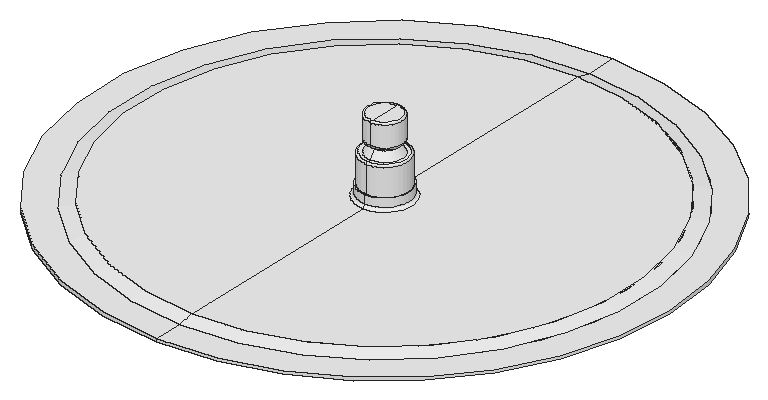
Revit family "ShowerHead-Vitra-LiteSeries-A45646", category Plumbing Fixtures, Revit 2017
Family settings
  Round Connector Dimension = Use Diameter
  Part Type = Normal
  OmniClass Number = 23.45.00.00
  OmniClass Title = Sanitary, Laundry, and Cleaning Equipment
  Work Plane-Based = Yes
  Always vertical = No
  Cut with Voids When Loaded = No
  Shared = Yes
  Room Calculation Point = No
Parameters (values of type "ShowerHead-Vitra-LiteSeries-A45646")
  Youtube = ""
  Weight Net (kg) = "2.2"
  Waste Connection = no
  Warranty Period (Year) = "5"
  Vent Connection = no
  Uniformat II Description = "Plumbing Fixtures"
  Uniformat II Code = "D2010"
  Uniclass 2015 Name = "Shower heads"
  Uniclass 2015 Code = "Pr_40_20_87_76"
  Uniclass 2.0 Description = "Shower Heads"
  Uniclass 2.0 Code = "PR-35-06-81"
  Uniclass 1.4 Description = "Showers"
  Uniclass 1.4 Code = "L7214"
  URL = "https://vitraglobal.com/"
  UNSPSC Description = ""
  UNSPSC Code = ""
  Technical description = "https://www.vitra.com.tr/pdf/A45646/"
  Tap hole Options (default) = ""
  Specification = ""
  Region South America = "All"
  Region Oceania = "All"
  Region North America = "All"
  Region Middle East = "All"
  Region Europe = "All"
  Region Asia = "All"
  Region Antarctica = "All"
  Region Africa = "All"
  Product url = "https://www.vitra.com.tr/dus-sistemleri/dus-basliklari/dus-basliklari/lite-lc-dus-basligi-sku-A45646/"
  Product manual = ""
  Product group = "Shower Heads"
  Product family = "Lite Series"
  Product data url = ""
  Product certification = "https://www.vitraglobal.com/brochures/"
  Product Type = "Lite LC Shower Head"
  Product SKU = "A45646"
  Product Properties = "Shower Head  18 L/min."
  Product Guid = ""
  OmniClass Description = "Shower Head Fixtures"
  OmniClass Code = "23-31 17 19"
  Number Of Connections = "1"
  Nominal Width (mm) = 400 mm
  Nominal Height (mm) = 65 mm
  Nominal Depth (mm) = 400.042 mm
  NBS Referans Description = ""
  NBS Referans Code = ""
  Mounting type = ""
  Model = "A45646"
  Masterformat 2014 Description = "Residential Showers"
  Masterformat 2014 Code = "22 41 23"
  Manufacturer name = "Vitra"
  Manufacturer = "Vitra"
  Main Material = ""
  Installation instructions = ""
  IFC Classification = "Sanitary Terminal"
  Help = ""
  HW Connection = yes
  GTIP code = ""
  Features = ""
  EAN code = ""
  Design country = "Turkey"
  Description = "Lite LC Duş Başlığı"
  Default Elevation = 2300 mm
  Connection Diameter (mm) = 15 mm
  Color = "Chrome"
  Coating Material = Chrome
  Calculated flow = ""
  CW Connection = yes
  COBIe Type Category = ""
  Brand = "Artema"
  BIMobject category = "Showers"
  Article No. (default) = "A45646"
  Approvals = ""
  ApplicationType = ""
  Accessories (default) = ""
Reference planes
  plane 1 "Center (Front/Back)": y = 0
  plane 2: z = 0
  plane 3 "Center (Left/Right)": x = 0
  plane 4: z = -65
  plane 5: y = -200.021
  plane 6: y = 200.021
  plane 7: x = 200
  plane 8: x = -200
Forms (mm)
  Revolve 1, solid, material "Chrome" <- "Coating Material", detail levels medium+fine
    sketch origin (0, 0, 0) x (0, 1, 0) y (0, 0, 1)
      loop
        line (0, 0) -> (0, -56.277) -> (200.021, -56.277) -> (200.021, -54.141) -> (179.708, -54.141) -> (169.623, -51.813) -> (19.111, -51.813)
        arc (19.111, -51.813) -> (17.68, -51.22) -> (17.087, -49.788) r 2.024
        line (17.087, -49.788) -> (17.087, -44.128) -> (16, -44.128) -> (16, -25.414)
        arc (16, -25.414) -> (15.7, -24.69) -> (14.976, -24.39) r 1.024
        line (14.976, -24.39) -> (12.173, -24.39) -> (8.739, -18.793) -> (8.739, -17.594)
        arc (8.739, -17.594) -> (9.032, -16.887) -> (9.739, -16.594) r 1
        line (9.739, -16.594) -> (11.153, -16.594)
        arc (11.153, -16.594) -> (11.874, -16.295) -> (12.173, -15.574) r 1.02
        line (12.173, -15.574) -> (12.173, -1)
        arc (12.173, -1) -> (11.88, -0.293) -> (11.173, 0) r 1
        line (11.173, 0) -> (0, 0)
      axis (0, -56.277) -> (0, 0)
    angle from 0 to 360
  Extrusion 2, solid, detail levels coarse
    sketch origin (0, 0, 0) x (1, 0, 0) y (0, 1, 0)
      loop
        circle (0, 0) r 200
    from 0 to -65
  Extrusion 3, solid, detail levels fine
    sketch origin (0, 0, 0) x (1, 0, 0) y (0, 1, 0)
      loop
        circle (0, 160.005) r 3
    from -56 to -61
  Extrusion 4, solid, detail levels fine
    sketch origin (0, 0, 0) x (0.991445, -0.130526, 0) y (0.130526, 0.991445, 0)
      loop
        circle (0, 160.005) r 3
    from -56 to -61
  Extrusion 5, solid, detail levels fine
    sketch origin (0, 0, 0) x (0.991445, 0.130526, 0) y (-0.130526, 0.991445, 0)
      loop
        circle (0, 160.005) r 3
    from -56 to -61
  Extrusion 6, solid, detail levels fine
    sketch origin (0, 0, 0) x (0.965926, 0.258819, 0) y (-0.258819, 0.965926, 0)
      loop
        circle (0, 160.005) r 3
    from -56 to -61
  Extrusion 7, solid, detail levels fine
    sketch origin (0, 0, 0) x (0.92388, 0.382683, 0) y (-0.382683, 0.92388, 0)
      loop
        circle (0, 160.005) r 3
    from -56 to -61
  Extrusion 8, solid, detail levels fine
    sketch origin (0, 0, 0) x (0.866025, 0.5, 0) y (-0.5, 0.866025, 0)
      loop
        circle (0, 160.005) r 3
    from -56 to -61
  Extrusion 9, solid, detail levels fine
    sketch origin (0, 0, 0) x (0.793353, 0.608761, 0) y (-0.608761, 0.793353, 0)
      loop
        circle (0, 160.005) r 3
    from -56 to -61
  Extrusion 10, solid, detail levels fine
    sketch origin (0, 0, 0) x (0.707107, 0.707107, 0) y (-0.707107, 0.707107, 0)
      loop
        circle (0, 160.005) r 3
    from -56 to -61
  Extrusion 11, solid, detail levels fine
    sketch origin (0, 0, 0) x (0.608761, 0.793353, 0) y (-0.793353, 0.608761, 0)
      loop
        circle (0, 160.005) r 3
    from -56 to -61
  Extrusion 12, solid, detail levels fine
    sketch origin (0, 0, 0) x (0.5, 0.866025, 0) y (-0.866025, 0.5, 0)
      loop
        circle (0, 160.005) r 3
    from -56 to -61
  Extrusion 13, solid, detail levels fine
    sketch origin (0, 0, 0) x (0.382683, 0.92388, 0) y (-0.92388, 0.382683, 0)
      loop
        circle (0, 160.005) r 3
    from -56 to -61
  Extrusion 14, solid, detail levels fine
    sketch origin (0, 0, 0) x (0.258819, 0.965926, 0) y (-0.965926, 0.258819, 0)
      loop
        circle (0, 160.005) r 3
    from -56 to -61
  Extrusion 15, solid, detail levels fine
    sketch origin (0, 0, 0) x (0.130526, 0.991445, 0) y (-0.991445, 0.130526, 0)
      loop
        circle (0, 160.005) r 3
    from -56 to -61
  Extrusion 16, solid, detail levels fine
    sketch origin (0, 0, 0) x (0, 1, 0) y (-1, 0, 0)
      loop
        circle (0, 160.005) r 3
    from -56 to -61
  Extrusion 17, solid, detail levels fine
    sketch origin (0, 0, 0) x (-0.130526, 0.991445, 0) y (-0.991445, -0.130526, 0)
      loop
        circle (0, 160.005) r 3
    from -56 to -61
  Extrusion 18, solid, detail levels fine
    sketch origin (0, 0, 0) x (-0.258819, 0.965926, 0) y (-0.965926, -0.258819, 0)
      loop
        circle (0, 160.005) r 3
    from -56 to -61
  Extrusion 19, solid, detail levels fine
    sketch origin (0, 0, 0) x (-0.382683, 0.92388, 0) y (-0.92388, -0.382683, 0)
      loop
        circle (0, 160.005) r 3
    from -56 to -61
  Extrusion 20, solid, detail levels fine
    sketch origin (0, 0, 0) x (-0.5, 0.866025, 0) y (-0.866025, -0.5, 0)
      loop
        circle (0, 160.005) r 3
    from -56 to -61
  Extrusion 21, solid, detail levels fine
    sketch origin (0, 0, 0) x (-0.608761, 0.793353, 0) y (-0.793353, -0.608761, 0)
      loop
        circle (0, 160.005) r 3
    from -56 to -61
  Extrusion 22, solid, detail levels fine
    sketch origin (0, 0, 0) x (-0.707107, 0.707107, 0) y (-0.707107, -0.707107, 0)
      loop
        circle (0, 160.005) r 3
    from -56 to -61
  Extrusion 23, solid, detail levels fine
    sketch origin (0, 0, 0) x (-0.793353, 0.608761, 0) y (-0.608761, -0.793353, 0)
      loop
        circle (0, 160.005) r 3
    from -56 to -61
  Extrusion 24, solid, detail levels fine
    sketch origin (0, 0, 0) x (-0.866025, 0.5, 0) y (-0.5, -0.866025, 0)
      loop
        circle (0, 160.005) r 3
    from -56 to -61
  Extrusion 25, solid, detail levels fine
    sketch origin (0, 0, 0) x (-0.92388, 0.382683, 0) y (-0.382683, -0.92388, 0)
      loop
        circle (0, 160.005) r 3
    from -56 to -61
  Extrusion 26, solid, detail levels fine
    sketch origin (0, 0, 0) x (-0.965926, 0.258819, 0) y (-0.258819, -0.965926, 0)
      loop
        circle (0, 160.005) r 3
    from -56 to -61
  Extrusion 27, solid, detail levels fine
    sketch origin (0, 0, 0) x (-0.991445, 0.130526, 0) y (-0.130526, -0.991445, 0)
      loop
        circle (0, 160.005) r 3
    from -56 to -61
  Extrusion 28, solid, detail levels fine
    sketch origin (0, 0, 0) x (-1, 0, 0) y (0, -1, 0)
      loop
        circle (0, 160.005) r 3
    from -56 to -61
  Extrusion 29, solid, detail levels fine
    sketch origin (0, 0, 0) x (-0.991445, -0.130526, 0) y (0.130526, -0.991445, 0)
      loop
        circle (0, 160.005) r 3
    from -56 to -61
  Extrusion 30, solid, detail levels fine
    sketch origin (0, 0, 0) x (-0.965926, -0.258819, 0) y (0.258819, -0.965926, 0)
      loop
        circle (0, 160.005) r 3
    from -56 to -61
  Extrusion 31, solid, detail levels fine
    sketch origin (0, 0, 0) x (-0.92388, -0.382683, 0) y (0.382683, -0.92388, 0)
      loop
        circle (0, 160.005) r 3
    from -56 to -61
  Extrusion 32, solid, detail levels fine
    sketch origin (0, 0, 0) x (-0.866025, -0.5, 0) y (0.5, -0.866025, 0)
      loop
        circle (0, 160.005) r 3
    from -56 to -61
  Extrusion 33, solid, detail levels fine
    sketch origin (0, 0, 0) x (-0.793353, -0.608761, 0) y (0.608761, -0.793353, 0)
      loop
        circle (0, 160.005) r 3
    from -56 to -61
  Extrusion 34, solid, detail levels fine
    sketch origin (0, 0, 0) x (-0.707107, -0.707107, 0) y (0.707107, -0.707107, 0)
      loop
        circle (0, 160.005) r 3
    from -56 to -61
  Extrusion 35, solid, detail levels fine
    sketch origin (0, 0, 0) x (-0.608761, -0.793353, 0) y (0.793353, -0.608761, 0)
      loop
        circle (0, 160.005) r 3
    from -56 to -61
  Extrusion 36, solid, detail levels fine
    sketch origin (0, 0, 0) x (-0.5, -0.866025, 0) y (0.866025, -0.5, 0)
      loop
        circle (0, 160.005) r 3
    from -56 to -61
  Extrusion 37, solid, detail levels fine
    sketch origin (0, 0, 0) x (-0.382683, -0.92388, 0) y (0.92388, -0.382683, 0)
      loop
        circle (0, 160.005) r 3
    from -56 to -61
  Extrusion 38, solid, detail levels fine
    sketch origin (0, 0, 0) x (-0.258819, -0.965926, 0) y (0.965926, -0.258819, 0)
      loop
        circle (0, 160.005) r 3
    from -56 to -61
  Extrusion 39, solid, detail levels fine
    sketch origin (0, 0, 0) x (-0.130526, -0.991445, 0) y (0.991445, -0.130526, 0)
      loop
        circle (0, 160.005) r 3
    from -56 to -61
  Extrusion 40, solid, detail levels fine
    sketch origin (0, 0, 0) x (0, -1, 0) y (1, 0, 0)
      loop
        circle (0, 160.005) r 3
    from -56 to -61
  Extrusion 41, solid, detail levels fine
    sketch origin (0, 0, 0) x (0.130526, -0.991445, 0) y (0.991445, 0.130526, 0)
      loop
        circle (0, 160.005) r 3
    from -56 to -61
  Extrusion 42, solid, detail levels fine
    sketch origin (0, 0, 0) x (0.258819, -0.965926, 0) y (0.965926, 0.258819, 0)
      loop
        circle (0, 160.005) r 3
    from -56 to -61
  Extrusion 43, solid, detail levels fine
    sketch origin (0, 0, 0) x (0.382683, -0.92388, 0) y (0.92388, 0.382683, 0)
      loop
        circle (0, 160.005) r 3
    from -56 to -61
  Extrusion 44, solid, detail levels fine
    sketch origin (0, 0, 0) x (0.5, -0.866025, 0) y (0.866025, 0.5, 0)
      loop
        circle (0, 160.005) r 3
    from -56 to -61
  Extrusion 45, solid, detail levels fine
    sketch origin (0, 0, 0) x (0.608761, -0.793353, 0) y (0.793353, 0.608761, 0)
      loop
        circle (0, 160.005) r 3
    from -56 to -61
  Extrusion 46, solid, detail levels fine
    sketch origin (0, 0, 0) x (0.707107, -0.707107, 0) y (0.707107, 0.707107, 0)
      loop
        circle (0, 160.005) r 3
    from -56 to -61
  Extrusion 47, solid, detail levels fine
    sketch origin (0, 0, 0) x (0.793353, -0.608761, 0) y (0.608761, 0.793353, 0)
      loop
        circle (0, 160.005) r 3
    from -56 to -61
  Extrusion 48, solid, detail levels fine
    sketch origin (0, 0, 0) x (0.866025, -0.5, 0) y (0.5, 0.866025, 0)
      loop
        circle (0, 160.005) r 3
    from -56 to -61
  Extrusion 49, solid, detail levels fine
    sketch origin (0, 0, 0) x (0.92388, -0.382683, 0) y (0.382683, 0.92388, 0)
      loop
        circle (0, 160.005) r 3
    from -56 to -61
  Extrusion 50, solid, detail levels fine
    sketch origin (0, 0, 0) x (0.965926, -0.258819, 0) y (0.258819, 0.965926, 0)
      loop
        circle (0, 160.005) r 3
    from -56 to -61
  Extrusion 51, solid, detail levels fine
    sketch origin (0, -20, 0) x (1, 0, 0) y (0, 1, 0)
      loop
        circle (0, 160.005) r 3
    from -56 to -61
  Extrusion 52, solid, detail levels fine
    sketch origin (-2.981, -19.777, 0) x (0.988831, -0.149042, 0) y (0.149042, 0.988831, 0)
      loop
        circle (0, 160.005) r 3
    from -56 to -61
  Extrusion 53, solid, detail levels fine
    sketch origin (2.981, -19.777, 0) x (0.988831, 0.149042, 0) y (-0.149042, 0.988831, 0)
      loop
        circle (0, 160.005) r 3
    from -56 to -61
  Extrusion 54, solid, detail levels fine
    sketch origin (5.895, -19.111, 0) x (0.955573, 0.294755, 0) y (-0.294755, 0.955573, 0)
      loop
        circle (0, 160.005) r 3
    from -56 to -61
  Extrusion 55, solid, detail levels fine
    sketch origin (8.678, -18.019, 0) x (0.900969, 0.433884, 0) y (-0.433884, 0.900969, 0)
      loop
        circle (0, 160.005) r 3
    from -56 to -61
  Extrusion 56, solid, detail levels fine
    sketch origin (11.266, -16.525, 0) x (0.826239, 0.56332, 0) y (-0.56332, 0.826239, 0)
      loop
        circle (0, 160.005) r 3
    from -56 to -61
  Extrusion 57, solid, detail levels fine
    sketch origin (13.603, -14.661, 0) x (0.733052, 0.680173, 0) y (-0.680173, 0.733052, 0)
      loop
        circle (0, 160.005) r 3
    from -56 to -61
  Extrusion 58, solid, detail levels fine
    sketch origin (15.637, -12.47, 0) x (0.62349, 0.781831, 0) y (-0.781831, 0.62349, 0)
      loop
        circle (0, 160.005) r 3
    from -56 to -61
  Extrusion 59, solid, detail levels fine
    sketch origin (17.321, -10, 0) x (0.5, 0.866025, 0) y (-0.866025, 0.5, 0)
      loop
        circle (0, 160.005) r 3
    from -56 to -61
  Extrusion 60, solid, detail levels fine
    sketch origin (18.617, -7.307, 0) x (0.365341, 0.930874, 0) y (-0.930874, 0.365341, 0)
      loop
        circle (0, 160.005) r 3
    from -56 to -61
  Extrusion 61, solid, detail levels fine
    sketch origin (19.499, -4.45, 0) x (0.222521, 0.974928, 0) y (-0.974928, 0.222521, 0)
      loop
        circle (0, 160.005) r 3
    from -56 to -61
  Extrusion 62, solid, detail levels fine
    sketch origin (19.944, -1.495, 0) x (0.07473, 0.997204, 0) y (-0.997204, 0.07473, 0)
      loop
        circle (0, 160.005) r 3
    from -56 to -61
  Extrusion 63, solid, detail levels fine
    sketch origin (19.944, 1.495, 0) x (-0.07473, 0.997204, 0) y (-0.997204, -0.07473, 0)
      loop
        circle (0, 160.005) r 3
    from -56 to -61
  Extrusion 64, solid, detail levels fine
    sketch origin (19.499, 4.45, 0) x (-0.222521, 0.974928, 0) y (-0.974928, -0.222521, 0)
      loop
        circle (0, 160.005) r 3
    from -56 to -61
  Extrusion 65, solid, detail levels fine
    sketch origin (18.617, 7.307, 0) x (-0.365341, 0.930874, 0) y (-0.930874, -0.365341, 0)
      loop
        circle (0, 160.005) r 3
    from -56 to -61
  Extrusion 66, solid, detail levels fine
    sketch origin (17.321, 10, 0) x (-0.5, 0.866025, 0) y (-0.866025, -0.5, 0)
      loop
        circle (0, 160.005) r 3
    from -56 to -61
  Extrusion 67, solid, detail levels fine
    sketch origin (15.637, 12.47, 0) x (-0.62349, 0.781831, 0) y (-0.781831, -0.62349, 0)
      loop
        circle (0, 160.005) r 3
    from -56 to -61
  Extrusion 68, solid, detail levels fine
    sketch origin (13.603, 14.661, 0) x (-0.733052, 0.680173, 0) y (-0.680173, -0.733052, 0)
      loop
        circle (0, 160.005) r 3
    from -56 to -61
  Extrusion 69, solid, detail levels fine
    sketch origin (11.266, 16.525, 0) x (-0.826239, 0.56332, 0) y (-0.56332, -0.826239, 0)
      loop
        circle (0, 160.005) r 3
    from -56 to -61
  Extrusion 70, solid, detail levels fine
    sketch origin (8.678, 18.019, 0) x (-0.900969, 0.433884, 0) y (-0.433884, -0.900969, 0)
      loop
        circle (0, 160.005) r 3
    from -56 to -61
  Extrusion 71, solid, detail levels fine
    sketch origin (5.895, 19.111, 0) x (-0.955573, 0.294755, 0) y (-0.294755, -0.955573, 0)
      loop
        circle (0, 160.005) r 3
    from -56 to -61
  Extrusion 72, solid, detail levels fine
    sketch origin (2.981, 19.777, 0) x (-0.988831, 0.149042, 0) y (-0.149042, -0.988831, 0)
      loop
        circle (0, 160.005) r 3
    from -56 to -61
  Extrusion 73, solid, detail levels fine
    sketch origin (0, 20, 0) x (-1, 0, 0) y (0, -1, 0)
      loop
        circle (0, 160.005) r 3
    from -56 to -61
  Extrusion 74, solid, detail levels fine
    sketch origin (-2.981, 19.777, 0) x (-0.988831, -0.149042, 0) y (0.149042, -0.988831, 0)
      loop
        circle (0, 160.005) r 3
    from -56 to -61
  Extrusion 75, solid, detail levels fine
    sketch origin (-5.895, 19.111, 0) x (-0.955573, -0.294755, 0) y (0.294755, -0.955573, 0)
      loop
        circle (0, 160.005) r 3
    from -56 to -61
  Extrusion 76, solid, detail levels fine
    sketch origin (-8.678, 18.019, 0) x (-0.900969, -0.433884, 0) y (0.433884, -0.900969, 0)
      loop
        circle (0, 160.005) r 3
    from -56 to -61
  Extrusion 77, solid, detail levels fine
    sketch origin (-11.266, 16.525, 0) x (-0.826239, -0.56332, 0) y (0.56332, -0.826239, 0)
      loop
        circle (0, 160.005) r 3
    from -56 to -61
  Extrusion 78, solid, detail levels fine
    sketch origin (-13.603, 14.661, 0) x (-0.733052, -0.680173, 0) y (0.680173, -0.733052, 0)
      loop
        circle (0, 160.005) r 3
    from -56 to -61
  Extrusion 79, solid, detail levels fine
    sketch origin (-15.637, 12.47, 0) x (-0.62349, -0.781831, 0) y (0.781831, -0.62349, 0)
      loop
        circle (0, 160.005) r 3
    from -56 to -61
  Extrusion 80, solid, detail levels fine
    sketch origin (-17.321, 10, 0) x (-0.5, -0.866025, 0) y (0.866025, -0.5, 0)
      loop
        circle (0, 160.005) r 3
    from -56 to -61
  Extrusion 81, solid, detail levels fine
    sketch origin (-18.617, 7.307, 0) x (-0.365341, -0.930874, 0) y (0.930874, -0.365341, 0)
      loop
        circle (0, 160.005) r 3
    from -56 to -61
  Extrusion 82, solid, detail levels fine
    sketch origin (-19.499, 4.45, 0) x (-0.222521, -0.974928, 0) y (0.974928, -0.222521, 0)
      loop
        circle (0, 160.005) r 3
    from -56 to -61
  Extrusion 83, solid, detail levels fine
    sketch origin (-19.944, 1.495, 0) x (-0.07473, -0.997204, 0) y (0.997204, -0.07473, 0)
      loop
        circle (0, 160.005) r 3
    from -56 to -61
  Extrusion 84, solid, detail levels fine
    sketch origin (-19.944, -1.495, 0) x (0.07473, -0.997204, 0) y (0.997204, 0.07473, 0)
      loop
        circle (0, 160.005) r 3
    from -56 to -61
  Extrusion 85, solid, detail levels fine
    sketch origin (-19.499, -4.45, 0) x (0.222521, -0.974928, 0) y (0.974928, 0.222521, 0)
      loop
        circle (0, 160.005) r 3
    from -56 to -61
  Extrusion 86, solid, detail levels fine
    sketch origin (-18.617, -7.307, 0) x (0.365341, -0.930874, 0) y (0.930874, 0.365341, 0)
      loop
        circle (0, 160.005) r 3
    from -56 to -61
  Extrusion 87, solid, detail levels fine
    sketch origin (-17.321, -10, 0) x (0.5, -0.866025, 0) y (0.866025, 0.5, 0)
      loop
        circle (0, 160.005) r 3
    from -56 to -61
  Extrusion 88, solid, detail levels fine
    sketch origin (-15.637, -12.47, 0) x (0.62349, -0.781831, 0) y (0.781831, 0.62349, 0)
      loop
        circle (0, 160.005) r 3
    from -56 to -61
  Extrusion 89, solid, detail levels fine
    sketch origin (-13.603, -14.661, 0) x (0.733052, -0.680173, 0) y (0.680173, 0.733052, 0)
      loop
        circle (0, 160.005) r 3
    from -56 to -61
  Extrusion 90, solid, detail levels fine
    sketch origin (-11.266, -16.525, 0) x (0.826239, -0.56332, 0) y (0.56332, 0.826239, 0)
      loop
        circle (0, 160.005) r 3
    from -56 to -61
  Extrusion 91, solid, detail levels fine
    sketch origin (-8.678, -18.019, 0) x (0.900969, -0.433884, 0) y (0.433884, 0.900969, 0)
      loop
        circle (0, 160.005) r 3
    from -56 to -61
  Extrusion 92, solid, detail levels fine
    sketch origin (-5.895, -19.111, 0) x (0.955573, -0.294755, 0) y (0.294755, 0.955573, 0)
      loop
        circle (0, 160.005) r 3
    from -56 to -61
  Extrusion 93, solid, detail levels fine
    sketch origin (0, -40.005, 0) x (1, 0, 0) y (0, 1, 0)
      loop
        circle (0, 160.005) r 3
    from -56 to -61
  Extrusion 94, solid, detail levels fine
    sketch origin (-6.947, -39.397, 0) x (0.984808, -0.173648, 0) y (0.173648, 0.984808, 0)
      loop
        circle (0, 160.005) r 3
    from -56 to -61
  Extrusion 95, solid, detail levels fine
    sketch origin (6.947, -39.397, 0) x (0.984808, 0.173648, 0) y (-0.173648, 0.984808, 0)
      loop
        circle (0, 160.005) r 3
    from -56 to -61
  Extrusion 96, solid, detail levels fine
    sketch origin (13.683, -37.592, 0) x (0.939693, 0.34202, 0) y (-0.34202, 0.939693, 0)
      loop
        circle (0, 160.005) r 3
    from -56 to -61
  Extrusion 97, solid, detail levels fine
    sketch origin (20.002, -34.645, 0) x (0.866025, 0.5, 0) y (-0.5, 0.866025, 0)
      loop
        circle (0, 160.005) r 3
    from -56 to -61
  Extrusion 98, solid, detail levels fine
    sketch origin (25.715, -30.646, 0) x (0.766044, 0.642788, 0) y (-0.642788, 0.766044, 0)
      loop
        circle (0, 160.005) r 3
    from -56 to -61
  Extrusion 99, solid, detail levels fine
    sketch origin (30.646, -25.715, 0) x (0.642788, 0.766044, 0) y (-0.766044, 0.642788, 0)
      loop
        circle (0, 160.005) r 3
    from -56 to -61
  Extrusion 100, solid, detail levels fine
    sketch origin (34.645, -20.002, 0) x (0.5, 0.866025, 0) y (-0.866025, 0.5, 0)
      loop
        circle (0, 160.005) r 3
    from -56 to -61
  Extrusion 101, solid, detail levels fine
    sketch origin (37.592, -13.683, 0) x (0.34202, 0.939693, 0) y (-0.939693, 0.34202, 0)
      loop
        circle (0, 160.005) r 3
    from -56 to -61
  Extrusion 102, solid, detail levels fine
    sketch origin (39.397, -6.947, 0) x (0.173648, 0.984808, 0) y (-0.984808, 0.173648, 0)
      loop
        circle (0, 160.005) r 3
    from -56 to -61
  Extrusion 103, solid, detail levels fine
    sketch origin (40.005, 0, 0) x (0, 1, 0) y (-1, 0, 0)
      loop
        circle (0, 160.005) r 3
    from -56 to -61
  Extrusion 104, solid, detail levels fine
    sketch origin (39.397, 6.947, 0) x (-0.173648, 0.984808, 0) y (-0.984808, -0.173648, 0)
      loop
        circle (0, 160.005) r 3
    from -56 to -61
  Extrusion 105, solid, detail levels fine
    sketch origin (37.592, 13.683, 0) x (-0.34202, 0.939693, 0) y (-0.939693, -0.34202, 0)
      loop
        circle (0, 160.005) r 3
    from -56 to -61
  Extrusion 106, solid, detail levels fine
    sketch origin (34.645, 20.002, 0) x (-0.5, 0.866025, 0) y (-0.866025, -0.5, 0)
      loop
        circle (0, 160.005) r 3
    from -56 to -61
  Extrusion 107, solid, detail levels fine
    sketch origin (30.646, 25.715, 0) x (-0.642788, 0.766044, 0) y (-0.766044, -0.642788, 0)
      loop
        circle (0, 160.005) r 3
    from -56 to -61
  Extrusion 108, solid, detail levels fine
    sketch origin (25.715, 30.646, 0) x (-0.766044, 0.642788, 0) y (-0.642788, -0.766044, 0)
      loop
        circle (0, 160.005) r 3
    from -56 to -61
  Extrusion 109, solid, detail levels fine
    sketch origin (20.002, 34.645, 0) x (-0.866025, 0.5, 0) y (-0.5, -0.866025, 0)
      loop
        circle (0, 160.005) r 3
    from -56 to -61
  Extrusion 110, solid, detail levels fine
    sketch origin (13.683, 37.592, 0) x (-0.939693, 0.34202, 0) y (-0.34202, -0.939693, 0)
      loop
        circle (0, 160.005) r 3
    from -56 to -61
  Extrusion 111, solid, detail levels fine
    sketch origin (6.947, 39.397, 0) x (-0.984808, 0.173648, 0) y (-0.173648, -0.984808, 0)
      loop
        circle (0, 160.005) r 3
    from -56 to -61
  Extrusion 112, solid, detail levels fine
    sketch origin (0, 40.005, 0) x (-1, 0, 0) y (0, -1, 0)
      loop
        circle (0, 160.005) r 3
    from -56 to -61
  Extrusion 113, solid, detail levels fine
    sketch origin (-6.947, 39.397, 0) x (-0.984808, -0.173648, 0) y (0.173648, -0.984808, 0)
      loop
        circle (0, 160.005) r 3
    from -56 to -61
  Extrusion 114, solid, detail levels fine
    sketch origin (-13.683, 37.592, 0) x (-0.939693, -0.34202, 0) y (0.34202, -0.939693, 0)
      loop
        circle (0, 160.005) r 3
    from -56 to -61
  Extrusion 115, solid, detail levels fine
    sketch origin (-20.002, 34.645, 0) x (-0.866025, -0.5, 0) y (0.5, -0.866025, 0)
      loop
        circle (0, 160.005) r 3
    from -56 to -61
  Extrusion 116, solid, detail levels fine
    sketch origin (-25.715, 30.646, 0) x (-0.766044, -0.642788, 0) y (0.642788, -0.766044, 0)
      loop
        circle (0, 160.005) r 3
    from -56 to -61
  Extrusion 117, solid, detail levels fine
    sketch origin (-30.646, 25.715, 0) x (-0.642788, -0.766044, 0) y (0.766044, -0.642788, 0)
      loop
        circle (0, 160.005) r 3
    from -56 to -61
  Extrusion 118, solid, detail levels fine
    sketch origin (-34.645, 20.002, 0) x (-0.5, -0.866025, 0) y (0.866025, -0.5, 0)
      loop
        circle (0, 160.005) r 3
    from -56 to -61
  Extrusion 119, solid, detail levels fine
    sketch origin (-37.592, 13.683, 0) x (-0.34202, -0.939693, 0) y (0.939693, -0.34202, 0)
      loop
        circle (0, 160.005) r 3
    from -56 to -61
  Extrusion 120, solid, detail levels fine
    sketch origin (-39.397, 6.947, 0) x (-0.173648, -0.984808, 0) y (0.984808, -0.173648, 0)
      loop
        circle (0, 160.005) r 3
    from -56 to -61
  Extrusion 121, solid, detail levels fine
    sketch origin (-40.005, 0, 0) x (0, -1, 0) y (1, 0, 0)
      loop
        circle (0, 160.005) r 3
    from -56 to -61
  Extrusion 122, solid, detail levels fine
    sketch origin (-39.397, -6.947, 0) x (0.173648, -0.984808, 0) y (0.984808, 0.173648, 0)
      loop
        circle (0, 160.005) r 3
    from -56 to -61
  Extrusion 123, solid, detail levels fine
    sketch origin (-37.592, -13.683, 0) x (0.34202, -0.939693, 0) y (0.939693, 0.34202, 0)
      loop
        circle (0, 160.005) r 3
    from -56 to -61
  Extrusion 124, solid, detail levels fine
    sketch origin (-34.645, -20.002, 0) x (0.5, -0.866025, 0) y (0.866025, 0.5, 0)
      loop
        circle (0, 160.005) r 3
    from -56 to -61
  Extrusion 125, solid, detail levels fine
    sketch origin (-30.646, -25.715, 0) x (0.642788, -0.766044, 0) y (0.766044, 0.642788, 0)
      loop
        circle (0, 160.005) r 3
    from -56 to -61
  Extrusion 126, solid, detail levels fine
    sketch origin (-25.715, -30.646, 0) x (0.766044, -0.642788, 0) y (0.642788, 0.766044, 0)
      loop
        circle (0, 160.005) r 3
    from -56 to -61
  Extrusion 127, solid, detail levels fine
    sketch origin (-20.002, -34.645, 0) x (0.866025, -0.5, 0) y (0.5, 0.866025, 0)
      loop
        circle (0, 160.005) r 3
    from -56 to -61
  Extrusion 128, solid, detail levels fine
    sketch origin (-13.683, -37.592, 0) x (0.939693, -0.34202, 0) y (0.34202, 0.939693, 0)
      loop
        circle (0, 160.005) r 3
    from -56 to -61
  Extrusion 129, solid, detail levels fine
    sketch origin (0, -60.005, 0) x (1, 0, 0) y (0, 1, 0)
      loop
        circle (0, 160.005) r 3
    from -56 to -61
  Extrusion 130, solid, detail levels fine
    sketch origin (-12.476, -58.694, 0) x (0.978148, -0.207912, 0) y (0.207912, 0.978148, 0)
      loop
        circle (0, 160.005) r 3
    from -56 to -61
  Extrusion 131, solid, detail levels fine
    sketch origin (12.476, -58.694, 0) x (0.978148, 0.207912, 0) y (-0.207912, 0.978148, 0)
      loop
        circle (0, 160.005) r 3
    from -56 to -61
  Extrusion 132, solid, detail levels fine
    sketch origin (24.406, -54.817, 0) x (0.913545, 0.406737, 0) y (-0.406737, 0.913545, 0)
      loop
        circle (0, 160.005) r 3
    from -56 to -61
  Extrusion 133, solid, detail levels fine
    sketch origin (35.27, -48.545, 0) x (0.809017, 0.587785, 0) y (-0.587785, 0.809017, 0)
      loop
        circle (0, 160.005) r 3
    from -56 to -61
  Extrusion 134, solid, detail levels fine
    sketch origin (44.592, -40.151, 0) x (0.669131, 0.743145, 0) y (-0.743145, 0.669131, 0)
      loop
        circle (0, 160.005) r 3
    from -56 to -61
  Extrusion 135, solid, detail levels fine
    sketch origin (51.966, -30.002, 0) x (0.5, 0.866025, 0) y (-0.866025, 0.5, 0)
      loop
        circle (0, 160.005) r 3
    from -56 to -61
  Extrusion 136, solid, detail levels fine
    sketch origin (57.068, -18.543, 0) x (0.309017, 0.951057, 0) y (-0.951057, 0.309017, 0)
      loop
        circle (0, 160.005) r 3
    from -56 to -61
  Extrusion 137, solid, detail levels fine
    sketch origin (59.676, -6.272, 0) x (0.104528, 0.994522, 0) y (-0.994522, 0.104528, 0)
      loop
        circle (0, 160.005) r 3
    from -56 to -61
  Extrusion 138, solid, detail levels fine
    sketch origin (59.676, 6.272, 0) x (-0.104528, 0.994522, 0) y (-0.994522, -0.104528, 0)
      loop
        circle (0, 160.005) r 3
    from -56 to -61
  Extrusion 139, solid, detail levels fine
    sketch origin (57.068, 18.543, 0) x (-0.309017, 0.951057, 0) y (-0.951057, -0.309017, 0)
      loop
        circle (0, 160.005) r 3
    from -56 to -61
  Extrusion 140, solid, detail levels fine
    sketch origin (51.966, 30.002, 0) x (-0.5, 0.866025, 0) y (-0.866025, -0.5, 0)
      loop
        circle (0, 160.005) r 3
    from -56 to -61
  Extrusion 141, solid, detail levels fine
    sketch origin (44.592, 40.151, 0) x (-0.669131, 0.743145, 0) y (-0.743145, -0.669131, 0)
      loop
        circle (0, 160.005) r 3
    from -56 to -61
  Extrusion 142, solid, detail levels fine
    sketch origin (35.27, 48.545, 0) x (-0.809017, 0.587785, 0) y (-0.587785, -0.809017, 0)
      loop
        circle (0, 160.005) r 3
    from -56 to -61
  Extrusion 143, solid, detail levels fine
    sketch origin (24.406, 54.817, 0) x (-0.913545, 0.406737, 0) y (-0.406737, -0.913545, 0)
      loop
        circle (0, 160.005) r 3
    from -56 to -61
  Extrusion 144, solid, detail levels fine
    sketch origin (12.476, 58.694, 0) x (-0.978148, 0.207912, 0) y (-0.207912, -0.978148, 0)
      loop
        circle (0, 160.005) r 3
    from -56 to -61
  Extrusion 145, solid, detail levels fine
    sketch origin (0, 60.005, 0) x (-1, 0, 0) y (0, -1, 0)
      loop
        circle (0, 160.005) r 3
    from -56 to -61
  Extrusion 146, solid, detail levels fine
    sketch origin (-12.476, 58.694, 0) x (-0.978148, -0.207912, 0) y (0.207912, -0.978148, 0)
      loop
        circle (0, 160.005) r 3
    from -56 to -61
  Extrusion 147, solid, detail levels fine
    sketch origin (-24.406, 54.817, 0) x (-0.913545, -0.406737, 0) y (0.406737, -0.913545, 0)
      loop
        circle (0, 160.005) r 3
    from -56 to -61
  Extrusion 148, solid, detail levels fine
    sketch origin (-35.27, 48.545, 0) x (-0.809017, -0.587785, 0) y (0.587785, -0.809017, 0)
      loop
        circle (0, 160.005) r 3
    from -56 to -61
  Extrusion 149, solid, detail levels fine
    sketch origin (-44.592, 40.151, 0) x (-0.669131, -0.743145, 0) y (0.743145, -0.669131, 0)
      loop
        circle (0, 160.005) r 3
    from -56 to -61
  Extrusion 150, solid, detail levels fine
    sketch origin (-51.966, 30.002, 0) x (-0.5, -0.866025, 0) y (0.866025, -0.5, 0)
      loop
        circle (0, 160.005) r 3
    from -56 to -61
  Extrusion 151, solid, detail levels fine
    sketch origin (-57.068, 18.543, 0) x (-0.309017, -0.951057, 0) y (0.951057, -0.309017, 0)
      loop
        circle (0, 160.005) r 3
    from -56 to -61
  Extrusion 152, solid, detail levels fine
    sketch origin (-59.676, 6.272, 0) x (-0.104528, -0.994522, 0) y (0.994522, -0.104528, 0)
      loop
        circle (0, 160.005) r 3
    from -56 to -61
  Extrusion 153, solid, detail levels fine
    sketch origin (-59.676, -6.272, 0) x (0.104528, -0.994522, 0) y (0.994522, 0.104528, 0)
      loop
        circle (0, 160.005) r 3
    from -56 to -61
  Extrusion 154, solid, detail levels fine
    sketch origin (-57.068, -18.543, 0) x (0.309017, -0.951057, 0) y (0.951057, 0.309017, 0)
      loop
        circle (0, 160.005) r 3
    from -56 to -61
  Extrusion 155, solid, detail levels fine
    sketch origin (-51.966, -30.002, 0) x (0.5, -0.866025, 0) y (0.866025, 0.5, 0)
      loop
        circle (0, 160.005) r 3
    from -56 to -61
  Extrusion 156, solid, detail levels fine
    sketch origin (-44.592, -40.151, 0) x (0.669131, -0.743145, 0) y (0.743145, 0.669131, 0)
      loop
        circle (0, 160.005) r 3
    from -56 to -61
  Extrusion 157, solid, detail levels fine
    sketch origin (-35.27, -48.545, 0) x (0.809017, -0.587785, 0) y (0.587785, 0.809017, 0)
      loop
        circle (0, 160.005) r 3
    from -56 to -61
  Extrusion 158, solid, detail levels fine
    sketch origin (-24.406, -54.817, 0) x (0.913545, -0.406737, 0) y (0.406737, 0.913545, 0)
      loop
        circle (0, 160.005) r 3
    from -56 to -61
  Extrusion 159, solid, detail levels fine
    sketch origin (0, -80.005, 0) x (1, 0, 0) y (0, 1, 0)
      loop
        circle (0, 160.005) r 3
    from -56 to -61
  Extrusion 160, solid, detail levels fine
    sketch origin (-20.707, -77.279, 0) x (0.965926, -0.258819, 0) y (0.258819, 0.965926, 0)
      loop
        circle (0, 160.005) r 3
    from -56 to -61
  Extrusion 161, solid, detail levels fine
    sketch origin (20.707, -77.279, 0) x (0.965926, 0.258819, 0) y (-0.258819, 0.965926, 0)
      loop
        circle (0, 160.005) r 3
    from -56 to -61
  Extrusion 162, solid, detail levels fine
    sketch origin (40.002, -69.286, 0) x (0.866025, 0.5, 0) y (-0.5, 0.866025, 0)
      loop
        circle (0, 160.005) r 3
    from -56 to -61
  Extrusion 163, solid, detail levels fine
    sketch origin (56.572, -56.572, 0) x (0.707107, 0.707107, 0) y (-0.707107, 0.707107, 0)
      loop
        circle (0, 160.005) r 3
    from -56 to -61
  Extrusion 164, solid, detail levels fine
    sketch origin (69.286, -40.002, 0) x (0.5, 0.866025, 0) y (-0.866025, 0.5, 0)
      loop
        circle (0, 160.005) r 3
    from -56 to -61
  Extrusion 165, solid, detail levels fine
    sketch origin (77.279, -20.707, 0) x (0.258819, 0.965926, 0) y (-0.965926, 0.258819, 0)
      loop
        circle (0, 160.005) r 3
    from -56 to -61
  Extrusion 166, solid, detail levels fine
    sketch origin (80.005, 0, 0) x (0, 1, 0) y (-1, 0, 0)
      loop
        circle (0, 160.005) r 3
    from -56 to -61
  Extrusion 167, solid, detail levels fine
    sketch origin (77.279, 20.707, 0) x (-0.258819, 0.965926, 0) y (-0.965926, -0.258819, 0)
      loop
        circle (0, 160.005) r 3
    from -56 to -61
  Extrusion 168, solid, detail levels fine
    sketch origin (69.286, 40.002, 0) x (-0.5, 0.866025, 0) y (-0.866025, -0.5, 0)
      loop
        circle (0, 160.005) r 3
    from -56 to -61
  Extrusion 169, solid, detail levels fine
    sketch origin (56.572, 56.572, 0) x (-0.707107, 0.707107, 0) y (-0.707107, -0.707107, 0)
      loop
        circle (0, 160.005) r 3
    from -56 to -61
  Extrusion 170, solid, detail levels fine
    sketch origin (40.002, 69.286, 0) x (-0.866025, 0.5, 0) y (-0.5, -0.866025, 0)
      loop
        circle (0, 160.005) r 3
    from -56 to -61
  Extrusion 171, solid, detail levels fine
    sketch origin (20.707, 77.279, 0) x (-0.965926, 0.258819, 0) y (-0.258819, -0.965926, 0)
      loop
        circle (0, 160.005) r 3
    from -56 to -61
  Extrusion 172, solid, detail levels fine
    sketch origin (0, 80.005, 0) x (-1, 0, 0) y (0, -1, 0)
      loop
        circle (0, 160.005) r 3
    from -56 to -61
  Extrusion 173, solid, detail levels fine
    sketch origin (-20.707, 77.279, 0) x (-0.965926, -0.258819, 0) y (0.258819, -0.965926, 0)
      loop
        circle (0, 160.005) r 3
    from -56 to -61
  Extrusion 174, solid, detail levels fine
    sketch origin (-40.002, 69.286, 0) x (-0.866025, -0.5, 0) y (0.5, -0.866025, 0)
      loop
        circle (0, 160.005) r 3
    from -56 to -61
  Extrusion 175, solid, detail levels fine
    sketch origin (-56.572, 56.572, 0) x (-0.707107, -0.707107, 0) y (0.707107, -0.707107, 0)
      loop
        circle (0, 160.005) r 3
    from -56 to -61
  Extrusion 176, solid, detail levels fine
    sketch origin (-69.286, 40.002, 0) x (-0.5, -0.866025, 0) y (0.866025, -0.5, 0)
      loop
        circle (0, 160.005) r 3
    from -56 to -61
  Extrusion 177, solid, detail levels fine
    sketch origin (-77.279, 20.707, 0) x (-0.258819, -0.965926, 0) y (0.965926, -0.258819, 0)
      loop
        circle (0, 160.005) r 3
    from -56 to -61
  Extrusion 178, solid, detail levels fine
    sketch origin (-80.005, 0, 0) x (0, -1, 0) y (1, 0, 0)
      loop
        circle (0, 160.005) r 3
    from -56 to -61
  Extrusion 179, solid, detail levels fine
    sketch origin (-77.279, -20.707, 0) x (0.258819, -0.965926, 0) y (0.965926, 0.258819, 0)
      loop
        circle (0, 160.005) r 3
    from -56 to -61
  Extrusion 180, solid, detail levels fine
    sketch origin (-69.286, -40.002, 0) x (0.5, -0.866025, 0) y (0.866025, 0.5, 0)
      loop
        circle (0, 160.005) r 3
    from -56 to -61
  Extrusion 181, solid, detail levels fine
    sketch origin (-56.572, -56.572, 0) x (0.707107, -0.707107, 0) y (0.707107, 0.707107, 0)
      loop
        circle (0, 160.005) r 3
    from -56 to -61
  Extrusion 182, solid, detail levels fine
    sketch origin (-40.002, -69.286, 0) x (0.866025, -0.5, 0) y (0.5, 0.866025, 0)
      loop
        circle (0, 160.005) r 3
    from -56 to -61
  Extrusion 183, solid, detail levels fine
    sketch origin (0, -100.005, 0) x (1, 0, 0) y (0, 1, 0)
      loop
        circle (0, 160.005) r 3
    from -56 to -61
  Extrusion 184, solid, detail levels fine
    sketch origin (-34.204, -93.974, 0) x (0.939693, -0.34202, 0) y (0.34202, 0.939693, 0)
      loop
        circle (0, 160.005) r 3
    from -56 to -61
  Extrusion 185, solid, detail levels fine
    sketch origin (34.204, -93.974, 0) x (0.939693, 0.34202, 0) y (-0.34202, 0.939693, 0)
      loop
        circle (0, 160.005) r 3
    from -56 to -61
  Extrusion 186, solid, detail levels fine
    sketch origin (64.282, -76.608, 0) x (0.766044, 0.642788, 0) y (-0.642788, 0.766044, 0)
      loop
        circle (0, 160.005) r 3
    from -56 to -61
  Extrusion 187, solid, detail levels fine
    sketch origin (86.607, -50.002, 0) x (0.5, 0.866025, 0) y (-0.866025, 0.5, 0)
      loop
        circle (0, 160.005) r 3
    from -56 to -61
  Extrusion 188, solid, detail levels fine
    sketch origin (98.486, -17.366, 0) x (0.173648, 0.984808, 0) y (-0.984808, 0.173648, 0)
      loop
        circle (0, 160.005) r 3
    from -56 to -61
  Extrusion 189, solid, detail levels fine
    sketch origin (98.486, 17.366, 0) x (-0.173648, 0.984808, 0) y (-0.984808, -0.173648, 0)
      loop
        circle (0, 160.005) r 3
    from -56 to -61
  Extrusion 190, solid, detail levels fine
    sketch origin (86.607, 50.002, 0) x (-0.5, 0.866025, 0) y (-0.866025, -0.5, 0)
      loop
        circle (0, 160.005) r 3
    from -56 to -61
  Extrusion 191, solid, detail levels fine
    sketch origin (64.282, 76.608, 0) x (-0.766044, 0.642788, 0) y (-0.642788, -0.766044, 0)
      loop
        circle (0, 160.005) r 3
    from -56 to -61
  Extrusion 192, solid, detail levels fine
    sketch origin (34.204, 93.974, 0) x (-0.939693, 0.34202, 0) y (-0.34202, -0.939693, 0)
      loop
        circle (0, 160.005) r 3
    from -56 to -61
  Extrusion 193, solid, detail levels fine
    sketch origin (0, 100.005, 0) x (-1, 0, 0) y (0, -1, 0)
      loop
        circle (0, 160.005) r 3
    from -56 to -61
  Extrusion 194, solid, detail levels fine
    sketch origin (-34.204, 93.974, 0) x (-0.939693, -0.34202, 0) y (0.34202, -0.939693, 0)
      loop
        circle (0, 160.005) r 3
    from -56 to -61
  Extrusion 195, solid, detail levels fine
    sketch origin (-64.282, 76.608, 0) x (-0.766044, -0.642788, 0) y (0.642788, -0.766044, 0)
      loop
        circle (0, 160.005) r 3
    from -56 to -61
  Extrusion 196, solid, detail levels fine
    sketch origin (-86.607, 50.002, 0) x (-0.5, -0.866025, 0) y (0.866025, -0.5, 0)
      loop
        circle (0, 160.005) r 3
    from -56 to -61
  Extrusion 197, solid, detail levels fine
    sketch origin (-98.486, 17.366, 0) x (-0.173648, -0.984808, 0) y (0.984808, -0.173648, 0)
      loop
        circle (0, 160.005) r 3
    from -56 to -61
  Extrusion 198, solid, detail levels fine
    sketch origin (-98.486, -17.366, 0) x (0.173648, -0.984808, 0) y (0.984808, 0.173648, 0)
      loop
        circle (0, 160.005) r 3
    from -56 to -61
  Extrusion 199, solid, detail levels fine
    sketch origin (-86.607, -50.002, 0) x (0.5, -0.866025, 0) y (0.866025, 0.5, 0)
      loop
        circle (0, 160.005) r 3
    from -56 to -61
  Extrusion 200, solid, detail levels fine
    sketch origin (-64.282, -76.608, 0) x (0.766044, -0.642788, 0) y (0.642788, 0.766044, 0)
      loop
        circle (0, 160.005) r 3
    from -56 to -61
  Extrusion 201, solid, detail levels fine
    sketch origin (0, -120.005, 0) x (1, 0, 0) y (0, 1, 0)
      loop
        circle (0, 160.005) r 3
    from -56 to -61
  Extrusion 202, solid, detail levels fine
    sketch origin (-60.002, -103.927, 0) x (0.866025, -0.5, 0) y (0.5, 0.866025, 0)
      loop
        circle (0, 160.005) r 3
    from -56 to -61
  Extrusion 203, solid, detail levels fine
    sketch origin (60.002, -103.927, 0) x (0.866025, 0.5, 0) y (-0.5, 0.866025, 0)
      loop
        circle (0, 160.005) r 3
    from -56 to -61
  Extrusion 204, solid, detail levels fine
    sketch origin (103.927, -60.002, 0) x (0.5, 0.866025, 0) y (-0.866025, 0.5, 0)
      loop
        circle (0, 160.005) r 3
    from -56 to -61
  Extrusion 205, solid, detail levels fine
    sketch origin (120.005, 0, 0) x (0, 1, 0) y (-1, 0, 0)
      loop
        circle (0, 160.005) r 3
    from -56 to -61
  Extrusion 206, solid, detail levels fine
    sketch origin (103.927, 60.002, 0) x (-0.5, 0.866025, 0) y (-0.866025, -0.5, 0)
      loop
        circle (0, 160.005) r 3
    from -56 to -61
  Extrusion 207, solid, detail levels fine
    sketch origin (60.002, 103.927, 0) x (-0.866025, 0.5, 0) y (-0.5, -0.866025, 0)
      loop
        circle (0, 160.005) r 3
    from -56 to -61
  Extrusion 208, solid, detail levels fine
    sketch origin (0, 120.005, 0) x (-1, 0, 0) y (0, -1, 0)
      loop
        circle (0, 160.005) r 3
    from -56 to -61
  Extrusion 209, solid, detail levels fine
    sketch origin (-60.002, 103.927, 0) x (-0.866025, -0.5, 0) y (0.5, -0.866025, 0)
      loop
        circle (0, 160.005) r 3
    from -56 to -61
  Extrusion 210, solid, detail levels fine
    sketch origin (-103.927, 60.002, 0) x (-0.5, -0.866025, 0) y (0.866025, -0.5, 0)
      loop
        circle (0, 160.005) r 3
    from -56 to -61
  Extrusion 211, solid, detail levels fine
    sketch origin (-120.005, 0, 0) x (0, -1, 0) y (1, 0, 0)
      loop
        circle (0, 160.005) r 3
    from -56 to -61
  Extrusion 212, solid, detail levels fine
    sketch origin (-103.927, -60.002, 0) x (0.5, -0.866025, 0) y (0.866025, 0.5, 0)
      loop
        circle (0, 160.005) r 3
    from -56 to -61
  Extrusion 213, solid, detail levels fine
    sketch origin (0, -140.005, 0) x (1, 0, 0) y (0, 1, 0)
      loop
        circle (0, 160.005) r 3
    from -56 to -61
  Extrusion 214, solid, detail levels fine
    sketch origin (-121.248, -70.002, 0) x (0.5, -0.866025, 0) y (0.866025, 0.5, 0)
      loop
        circle (0, 160.005) r 3
    from -56 to -61
  Extrusion 215, solid, detail levels fine
    sketch origin (121.248, -70.002, 0) x (0.5, 0.866025, 0) y (-0.866025, 0.5, 0)
      loop
        circle (0, 160.005) r 3
    from -56 to -61
  Extrusion 216, solid, detail levels fine
    sketch origin (121.248, 70.002, 0) x (-0.5, 0.866025, 0) y (-0.866025, -0.5, 0)
      loop
        circle (0, 160.005) r 3
    from -56 to -61
  Extrusion 217, solid, detail levels fine
    sketch origin (0, 140.005, 0) x (-1, 0, 0) y (0, -1, 0)
      loop
        circle (0, 160.005) r 3
    from -56 to -61
  Extrusion 218, solid, detail levels fine
    sketch origin (-121.248, 70.002, 0) x (-0.5, -0.866025, 0) y (0.866025, -0.5, 0)
      loop
        circle (0, 160.005) r 3
    from -56 to -61
  Extrusion 219, solid, detail levels fine
    sketch origin (0, -160.005, 0) x (1, 0, 0) y (0, 1, 0)
      loop
        circle (0, 160.005) r 3
    from -56 to -61
  Extrusion 220, solid, detail levels coarse
    sketch origin (0, 0, 0) x (1, 0, 0) y (0, 1, 0)
      loop
        circle (0, 0) r 200.021
    from 0 to -65
Dimensions and locks
  "Nominal Height (mm)": level to plane 4
  "Nominal Width (mm)": plane 8 to plane 7
  "Nominal Depth (mm)": plane 6 to plane 5
Automatic sketch dimensions
  Revolve 1 sketch curve to level = 0 mm
  Revolve 1 sketch curve to plane 1 "Center (Front/Back)" = 0 mm  (x2)
  Revolve 1 sketch curve to plane 1 "Center (Front/Back)" = 8.739 mm
  Revolve 1 sketch curve to Revolve 1 sketch curve = 1 mm
  Revolve 1 sketch curve to Revolve 1 sketch curve = 1.414 mm
  Revolve 1 sketch curve to plane 1 "Center (Front/Back)" = 11.173 mm
  Revolve 1 sketch curve to Revolve 1 sketch curve = 3.434 mm
  Revolve 1 sketch curve to Revolve 1 sketch curve = 1.02 mm
  Revolve 1 sketch curve to Revolve 1 sketch curve = 2.803 mm
  Revolve 1 sketch curve to plane 1 "Center (Front/Back)" = 16 mm
  Revolve 1 sketch curve to Revolve 1 sketch curve = 1.087 mm
  Revolve 1 sketch curve to Revolve 1 sketch curve = 2.024 mm
  plane 4 to Revolve 1 sketch curve = 13.187 mm
  Revolve 1 sketch curve to Revolve 1 sketch curve = 10.086 mm
  Revolve 1 sketch curve to Revolve 1 sketch curve = 20.313 mm
  Revolve 1 sketch curve to Revolve 1 sketch curve = 2.328 mm
  Revolve 1 sketch curve to Revolve 1 sketch curve = 2.136 mm
  Revolve 1 sketch curve to Revolve 1 sketch curve = 5.66 mm
  Revolve 1 sketch curve to Revolve 1 sketch curve = 18.714 mm
  Revolve 1 sketch curve to Revolve 1 sketch curve = 5.597 mm
  Revolve 1 sketch curve to Revolve 1 sketch curve = 1.2 mm
  Revolve 1 sketch curve to Revolve 1 sketch curve = 14.077 mm
  Revolve 1 sketch curve to Revolve 1 sketch curve = 11.1 mm
  plane 1 "Center (Front/Back)" to Extrusion 2 sketch curve = 0 mm
  Extrusion 2 sketch curve to plane 3 "Center (Left/Right)" = 0 mm
  Extrusion 3 sketch curve to plane 3 "Center (Left/Right)" = 0 mm
  plane 3 "Center (Left/Right)" to Extrusion 4 sketch curve = 20.885 mm
  Extrusion 5 sketch curve to plane 3 "Center (Left/Right)" = 20.885 mm
  Extrusion 6 sketch curve to plane 3 "Center (Left/Right)" = 41.412 mm
  Extrusion 14 sketch curve to plane 1 "Center (Front/Back)" = 41.412 mm
  Extrusion 15 sketch curve to plane 1 "Center (Front/Back)" = 20.885 mm
  plane 1 "Center (Front/Back)" to Extrusion 16 sketch curve = 0 mm
  plane 1 "Center (Front/Back)" to Extrusion 17 sketch curve = 20.885 mm
  plane 1 "Center (Front/Back)" to Extrusion 18 sketch curve = 41.412 mm
  Extrusion 26 sketch curve to plane 3 "Center (Left/Right)" = 41.412 mm
  Extrusion 27 sketch curve to plane 3 "Center (Left/Right)" = 20.885 mm
  Extrusion 28 sketch curve to plane 3 "Center (Left/Right)" = 0 mm
  plane 3 "Center (Left/Right)" to Extrusion 29 sketch curve = 20.885 mm
  plane 3 "Center (Left/Right)" to Extrusion 30 sketch curve = 41.412 mm
  plane 1 "Center (Front/Back)" to Extrusion 38 sketch curve = 41.412 mm
  plane 1 "Center (Front/Back)" to Extrusion 39 sketch curve = 20.885 mm
  plane 1 "Center (Front/Back)" to Extrusion 40 sketch curve = 0 mm
  Extrusion 41 sketch curve to plane 1 "Center (Front/Back)" = 20.885 mm
  Extrusion 42 sketch curve to plane 1 "Center (Front/Back)" = 41.412 mm
  plane 3 "Center (Left/Right)" to Extrusion 50 sketch curve = 41.412 mm
  Extrusion 51 sketch curve to plane 3 "Center (Left/Right)" = 0 mm
  plane 3 "Center (Left/Right)" to Extrusion 52 sketch curve = 20.867 mm
  Extrusion 53 sketch curve to plane 3 "Center (Left/Right)" = 20.867 mm
  Extrusion 54 sketch curve to plane 3 "Center (Left/Right)" = 41.267 mm
  Extrusion 60 sketch curve to plane 1 "Center (Front/Back)" = 51.15 mm
  Extrusion 61 sketch curve to plane 1 "Center (Front/Back)" = 31.154 mm
  Extrusion 62 sketch curve to plane 1 "Center (Front/Back)" = 10.463 mm
  plane 1 "Center (Front/Back)" to Extrusion 63 sketch curve = 10.463 mm
  plane 1 "Center (Front/Back)" to Extrusion 64 sketch curve = 31.154 mm
  plane 1 "Center (Front/Back)" to Extrusion 65 sketch curve = 51.15 mm
  Extrusion 71 sketch curve to plane 3 "Center (Left/Right)" = 41.267 mm
  Extrusion 72 sketch curve to plane 3 "Center (Left/Right)" = 20.867 mm
  Extrusion 73 sketch curve to plane 3 "Center (Left/Right)" = 0 mm
  plane 3 "Center (Left/Right)" to Extrusion 74 sketch curve = 20.867 mm
  plane 3 "Center (Left/Right)" to Extrusion 75 sketch curve = 41.267 mm
  plane 1 "Center (Front/Back)" to Extrusion 81 sketch curve = 51.15 mm
  plane 1 "Center (Front/Back)" to Extrusion 82 sketch curve = 31.154 mm
  plane 1 "Center (Front/Back)" to Extrusion 83 sketch curve = 10.463 mm
  Extrusion 84 sketch curve to plane 1 "Center (Front/Back)" = 10.463 mm
  Extrusion 85 sketch curve to plane 1 "Center (Front/Back)" = 31.154 mm
  Extrusion 86 sketch curve to plane 1 "Center (Front/Back)" = 51.15 mm
  plane 3 "Center (Left/Right)" to Extrusion 92 sketch curve = 41.267 mm
  Extrusion 93 sketch curve to plane 3 "Center (Left/Right)" = 0 mm
  plane 3 "Center (Left/Right)" to Extrusion 94 sketch curve = 20.838 mm
  Extrusion 95 sketch curve to plane 3 "Center (Left/Right)" = 20.838 mm
  Extrusion 96 sketch curve to plane 3 "Center (Left/Right)" = 41.042 mm
  Extrusion 97 sketch curve to plane 3 "Center (Left/Right)" = 60 mm
  Extrusion 100 sketch curve to plane 1 "Center (Front/Back)" = 60 mm
  Extrusion 101 sketch curve to plane 1 "Center (Front/Back)" = 41.042 mm
  Extrusion 102 sketch curve to plane 1 "Center (Front/Back)" = 20.838 mm
  plane 1 "Center (Front/Back)" to Extrusion 103 sketch curve = 0 mm
  plane 1 "Center (Front/Back)" to Extrusion 104 sketch curve = 20.838 mm
  plane 1 "Center (Front/Back)" to Extrusion 105 sketch curve = 41.042 mm
  plane 1 "Center (Front/Back)" to Extrusion 106 sketch curve = 60 mm
  Extrusion 109 sketch curve to plane 3 "Center (Left/Right)" = 60 mm
  Extrusion 110 sketch curve to plane 3 "Center (Left/Right)" = 41.042 mm
  Extrusion 111 sketch curve to plane 3 "Center (Left/Right)" = 20.838 mm
  Extrusion 112 sketch curve to plane 3 "Center (Left/Right)" = 0 mm
  plane 3 "Center (Left/Right)" to Extrusion 113 sketch curve = 20.838 mm
  plane 3 "Center (Left/Right)" to Extrusion 114 sketch curve = 41.042 mm
  plane 3 "Center (Left/Right)" to Extrusion 115 sketch curve = 60 mm
  plane 1 "Center (Front/Back)" to Extrusion 118 sketch curve = 60 mm
  plane 1 "Center (Front/Back)" to Extrusion 119 sketch curve = 41.042 mm
  plane 1 "Center (Front/Back)" to Extrusion 120 sketch curve = 20.838 mm
  plane 1 "Center (Front/Back)" to Extrusion 121 sketch curve = 0 mm
  Extrusion 122 sketch curve to plane 1 "Center (Front/Back)" = 20.838 mm
  Extrusion 123 sketch curve to plane 1 "Center (Front/Back)" = 41.042 mm
  Extrusion 124 sketch curve to plane 1 "Center (Front/Back)" = 60 mm
  plane 3 "Center (Left/Right)" to Extrusion 127 sketch curve = 60 mm
  plane 3 "Center (Left/Right)" to Extrusion 128 sketch curve = 41.042 mm
  Extrusion 129 sketch curve to plane 3 "Center (Left/Right)" = 0 mm
  plane 3 "Center (Left/Right)" to Extrusion 130 sketch curve = 20.791 mm
  Extrusion 131 sketch curve to plane 3 "Center (Left/Right)" = 20.791 mm
  Extrusion 132 sketch curve to plane 3 "Center (Left/Right)" = 40.674 mm
  Extrusion 133 sketch curve to plane 3 "Center (Left/Right)" = 58.779 mm
  Extrusion 135 sketch curve to plane 1 "Center (Front/Back)" = 50 mm
  Extrusion 136 sketch curve to plane 1 "Center (Front/Back)" = 30.902 mm
  Extrusion 137 sketch curve to plane 1 "Center (Front/Back)" = 10.453 mm
  plane 1 "Center (Front/Back)" to Extrusion 138 sketch curve = 10.453 mm
  plane 1 "Center (Front/Back)" to Extrusion 139 sketch curve = 30.902 mm
  plane 1 "Center (Front/Back)" to Extrusion 140 sketch curve = 50 mm
  Extrusion 142 sketch curve to plane 3 "Center (Left/Right)" = 58.779 mm
  Extrusion 143 sketch curve to plane 3 "Center (Left/Right)" = 40.674 mm
  Extrusion 144 sketch curve to plane 3 "Center (Left/Right)" = 20.791 mm
  Extrusion 145 sketch curve to plane 3 "Center (Left/Right)" = 0 mm
  plane 3 "Center (Left/Right)" to Extrusion 146 sketch curve = 20.791 mm
  plane 3 "Center (Left/Right)" to Extrusion 147 sketch curve = 40.674 mm
  plane 3 "Center (Left/Right)" to Extrusion 148 sketch curve = 58.779 mm
  plane 1 "Center (Front/Back)" to Extrusion 150 sketch curve = 50 mm
  plane 1 "Center (Front/Back)" to Extrusion 151 sketch curve = 30.902 mm
  plane 1 "Center (Front/Back)" to Extrusion 152 sketch curve = 10.453 mm
  Extrusion 153 sketch curve to plane 1 "Center (Front/Back)" = 10.453 mm
  Extrusion 154 sketch curve to plane 1 "Center (Front/Back)" = 30.902 mm
  Extrusion 155 sketch curve to plane 1 "Center (Front/Back)" = 50 mm
  plane 3 "Center (Left/Right)" to Extrusion 157 sketch curve = 58.779 mm
  plane 3 "Center (Left/Right)" to Extrusion 158 sketch curve = 40.674 mm
  Extrusion 159 sketch curve to plane 3 "Center (Left/Right)" = 0 mm
  plane 3 "Center (Left/Right)" to Extrusion 160 sketch curve = 20.706 mm
  Extrusion 161 sketch curve to plane 3 "Center (Left/Right)" = 20.706 mm
  Extrusion 162 sketch curve to plane 3 "Center (Left/Right)" = 40 mm
  Extrusion 163 sketch curve to plane 1 "Center (Front/Back)" = 56.569 mm
  Extrusion 163 sketch curve to plane 3 "Center (Left/Right)" = 56.569 mm
  Extrusion 164 sketch curve to plane 1 "Center (Front/Back)" = 40 mm
  Extrusion 165 sketch curve to plane 1 "Center (Front/Back)" = 20.706 mm
  plane 1 "Center (Front/Back)" to Extrusion 166 sketch curve = 0 mm
  plane 1 "Center (Front/Back)" to Extrusion 167 sketch curve = 20.706 mm
  plane 1 "Center (Front/Back)" to Extrusion 168 sketch curve = 40 mm
  plane 1 "Center (Front/Back)" to Extrusion 169 sketch curve = 56.569 mm
  Extrusion 169 sketch curve to plane 3 "Center (Left/Right)" = 56.569 mm
  Extrusion 170 sketch curve to plane 3 "Center (Left/Right)" = 40 mm
  Extrusion 171 sketch curve to plane 3 "Center (Left/Right)" = 20.706 mm
  Extrusion 172 sketch curve to plane 3 "Center (Left/Right)" = 0 mm
  plane 3 "Center (Left/Right)" to Extrusion 173 sketch curve = 20.706 mm
  plane 3 "Center (Left/Right)" to Extrusion 174 sketch curve = 40 mm
  plane 1 "Center (Front/Back)" to Extrusion 175 sketch curve = 56.569 mm
  plane 3 "Center (Left/Right)" to Extrusion 175 sketch curve = 56.569 mm
  plane 1 "Center (Front/Back)" to Extrusion 176 sketch curve = 40 mm
  plane 1 "Center (Front/Back)" to Extrusion 177 sketch curve = 20.706 mm
  plane 1 "Center (Front/Back)" to Extrusion 178 sketch curve = 0 mm
  Extrusion 179 sketch curve to plane 1 "Center (Front/Back)" = 20.706 mm
  Extrusion 180 sketch curve to plane 1 "Center (Front/Back)" = 40 mm
  Extrusion 181 sketch curve to plane 1 "Center (Front/Back)" = 56.569 mm
  plane 3 "Center (Left/Right)" to Extrusion 181 sketch curve = 56.569 mm
  plane 3 "Center (Left/Right)" to Extrusion 182 sketch curve = 40 mm
  Extrusion 183 sketch curve to plane 3 "Center (Left/Right)" = 0 mm
  Extrusion 183 sketch curve to plane 1 "Center (Front/Back)" = 60 mm
  plane 3 "Center (Left/Right)" to Extrusion 184 sketch curve = 20.521 mm
  Extrusion 184 sketch curve to plane 1 "Center (Front/Back)" = 56.382 mm
  Extrusion 185 sketch curve to plane 3 "Center (Left/Right)" = 20.521 mm
  Extrusion 185 sketch curve to plane 1 "Center (Front/Back)" = 56.382 mm
  Extrusion 186 sketch curve to plane 3 "Center (Left/Right)" = 38.567 mm
  Extrusion 186 sketch curve to plane 1 "Center (Front/Back)" = 45.963 mm
  Extrusion 187 sketch curve to plane 1 "Center (Front/Back)" = 30 mm
  Extrusion 187 sketch curve to plane 3 "Center (Left/Right)" = 51.962 mm
  Extrusion 188 sketch curve to plane 1 "Center (Front/Back)" = 10.419 mm
  Extrusion 188 sketch curve to plane 3 "Center (Left/Right)" = 59.088 mm
  plane 1 "Center (Front/Back)" to Extrusion 189 sketch curve = 10.419 mm
  Extrusion 189 sketch curve to plane 3 "Center (Left/Right)" = 59.088 mm
  plane 1 "Center (Front/Back)" to Extrusion 190 sketch curve = 30 mm
  Extrusion 190 sketch curve to plane 3 "Center (Left/Right)" = 51.962 mm
  Extrusion 191 sketch curve to plane 3 "Center (Left/Right)" = 38.567 mm
  plane 1 "Center (Front/Back)" to Extrusion 191 sketch curve = 45.963 mm
  Extrusion 192 sketch curve to plane 3 "Center (Left/Right)" = 20.521 mm
  plane 1 "Center (Front/Back)" to Extrusion 192 sketch curve = 56.382 mm
  Extrusion 193 sketch curve to plane 3 "Center (Left/Right)" = 0 mm
  plane 1 "Center (Front/Back)" to Extrusion 193 sketch curve = 60 mm
  plane 3 "Center (Left/Right)" to Extrusion 194 sketch curve = 20.521 mm
  plane 1 "Center (Front/Back)" to Extrusion 194 sketch curve = 56.382 mm
  plane 3 "Center (Left/Right)" to Extrusion 195 sketch curve = 38.567 mm
